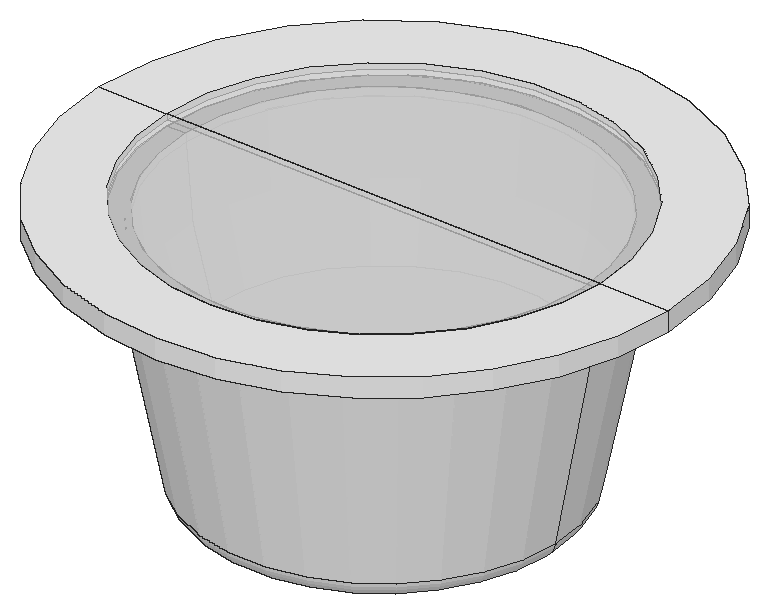
Revit family "2060572+2028036 Sylvania Lighting Fixture ASCENT 100 II ARCH 3600 3K DALI 160 with IP44 Frost Glass", category Lighting Fixtures, host Face, Revit 2016
Family settings
  Host = Face
  Part Type = Normal
  Round Connector Dimension = Use Diameter
  OmniClass Number = 23.80.70.11.17
  OmniClass Title = Specialized Lighting by Location or Use
  Cut with Voids When Loaded = No
  Light Source = Yes
  Shared = No
  Room Calculation Point = No
Parameters (values of type "2060572+2028036 ASCT100 II ARCH 3600 3K DALI 160 with IP44 Frost Glass")
  WidthBezelAcc_SYL = 25.0 mm
  Weight = "1.2 kg"
  Wattage = 30 W
  WarrantyStartDate [instance] = "n/a"
  WarrantyGuarantorParts = "n/a"
  WarrantyDurationUnit = "n/a"
  WarrantyDurationParts = "n/a"
  WarrantyDescription = "n/a"
  built-in parameter 1150110 = 1 (stored number, unit not read)
  Voltage = 0 V
  VisibilityAccessory_SYL = yes
  TypeName = "ASCENT 100 II ARCH 3600 3K DALI 160 with IP44 Frost Glass"
  built-in parameter 1114217 = 1 (stored number, unit not read)
  Tilt Angle = -90°
  built-in parameter 1150109 = 1 (stored number, unit not read)
  built-in parameter 1150134 = (empty or 0)
  built-in parameter 1150113 = 1 (stored number, unit not read)
  SerialNumber [instance] = "n/a"
  ReflectorRadius_SYL = Radius_SYL - 14.5 mm  # 80.0 mm
  RadiusAcc_SYL = 105.0 mm
  Radius_SYL = 94.5 mm
  URL = "http://www.sylvania-lighting.com"
  PowerFactor = 0
  PowerConsumption = "30 W"
  Photometric Web File = "2060572.ies"
  NominalWidth = 0.0 mm
  NominalLength = 0.0 mm
  NominalHeight = 94.0 mm
  Name = "ASCENT 100 II ARCH 3600 3K DALI 160 with IP44 Frost Glass"
  ModelReference = "ASCENT 100 II ARCH 3600 3K DALI 160 with IP44 Frost Glass"
  ModelNumber = "2060572+2028036"
  Material_4_SYL = none
  Material_3_SYL = Polycarbonate_Sylvania_Ascent_Opal
  Material_2_SYL = Aluminium_Sylvania_Ascent_Silver
  Material_1_SYL = Aluminum_Sylvania_Ascent_White
  Material = "aluminium housing, arcylic diffuser"
  ManufacturerName = "Feilo Sylvania"
  LuminousEfficacy = "118 lm/W"
  built-in parameter 1150105 = 281.7 (stored number, unit not read)
  Lumens = 3540 lm
  LuminaireType = ""
  built-in parameter 1150115 = 1 (stored number, unit not read)
  LightOutputRatio = "100"
  built-in parameter 1150137 = (empty or 0)
  built-in parameter 1150139 = (empty or 0)
  LampsType = Lamp  # "LED"
  LampNominalLuminous = "3548 lm"
  LampMacAdamStep = "3"
  LampColourTemperature = "3000 K"
  LampColourRenderingIndex = "80"
  built-in parameter 1150112 = 1 (stored number, unit not read)
  built-in parameter 1150114 = 1 (stored number, unit not read)
  Keynote = "16500"
  InstallationDate [instance] = "n/a"
  InputVoltage = "n/a"
  InputNominalFrequency = "n/a"
  built-in parameter 1150132 = (empty or 0)
  built-in parameter 1150102 = (empty or 0)
  built-in parameter 1150107 = 3000 (stored number, unit not read)
  built-in parameter 1150138 = (empty or 0)
  IngressProtection = "IP44"
  ImpactProtectionIndex = "IK02"
  built-in parameter 1150106 = 2.817 (stored number, unit not read)
  IfcExportType = "IfcLightFixtureType"
  IfcExportAs = "IfcLightFixtureType"
  Height_SYL = 94.0 mm
  HeightAcc_SYL = 7.0 mm
  ExpectedLife = 50000
  EmittionSurface_SYL = if(VisibilityAccessory_SYL, 7.0 mm, 3.0 mm)  # 7.0 mm
  Emit from Circle Diameter = DiffuserRadius_SYL * 2  # 146.0 mm
  Emit Shape Visible in Rendering = no
  ElectricShockClassification = "Class II"
  built-in parameter 1150104 = 10.963 (stored number, unit not read)
  DurationUnit = "hours"
  DocumentationLiterature = "http://www.sylvania-lighting.com/product/en-int/products/2060572"
  DimmingControlOptions = "n/a"
  Dimming Lamp Color Temperature Shift = <None>
  DiffuserRadius_SYL = ReflectorRadius_SYL - 7.0 mm  # 73.0 mm
  Diameter_SYL = 2 * Radius_SYL  # 189.0 mm
  CutoutDiameter_SYL = Diameter_SYL - 13.0 mm  # 176.0 mm
  CreatedOn = "9/17/2018"
  CreatedBy = "@sylvania-lighting.com"
  Color Filter = 16777215
  built-in parameter 1114216 [instance] = 1 (stored number, unit not read)
  Model = "ASCENT 100 II ARCH 3600 3K DALI 160 with IP44 Frost Glass"
  Manufacturer = "Feilo Sylvania"
  Lamp = "LED"
  Description = "Direct LED retro fit for original LED 100 Arch (160) single CFL lamp offering Matching lumen levels and improved light distribution of original LED 100 CFL lamp equivalents Typically half the power consumption compared to CFL Up to 112lm/W 160mm aperture Architectural reflector accepts range of glass accessories from existing LED 100 Arch 160 offering HE, HO and VHO versions equivalent of single 1 x 18W, 1 x 32W, 1 x 42W\r\n Additional VVHO versions which offer the performance circa 2 x 32W equivalent"  # constant formula
  Default Elevation = 0.0 mm
  built-in parameter 1140040 [instance] = 1
  BarCode [instance] = "n/a"
  built-in parameter 1114218 = 1 (stored number, unit not read)
  built-in parameter 1150133 = 10 (stored number, unit not read)
  AssetType = "Fixed"
  AssetIdentifier [instance] = "n/a"
  Assembly Code = "D5020200"
  Apparent Load = 30 VA
  Aperture_SYL = 2 * ReflectorRadius_SYL  # 160.0 mm
Reference planes
  plane 1 "Center (Front/Back)": y = 0
  plane 2: z = 0
  plane 3 "Center (Left/Right)": x = 0
  plane 4 "Fixture Bottom": z = 3
  plane 5: z = -52.5
  plane 6 "Fixture Top": z = -91
  plane 7: x = -105
  plane 8: z = 7
  plane 9: x = -80
  plane 10: z = 5
  plane 11: x = -103
Forms (mm)
  Extrusion 1, solid, material "Aluminum_Sylvania_Ascent_White", detail levels fine
    sketch origin (0, 0, 0) x (1, 0, 0) y (0, 1, 0)
      loop
        circle (0, 0) r 94.5
      loop
        circle (0, 0) r 80
    from 0 to 3
  Extrusion 2, void
    sketch origin (0, 0, 0) x (1, 0, 0) y (0, 1, 0)
      loop
        circle (0, 0) r 88
    from -91 to 3
  Revolve 3, solid, material "Aluminum_Sylvania_Ascent_White" <- "Material_1_SYL", detail levels fine
    sketch origin (0, 0, 0) x (1, 0, 0) y (0, 0, 1)
      loop
        line (0, -91.073) -> (0, -89.023) -> (-55.468, -89.014)
        arc (-55.468, -89.014) -> (-59.352, -87.613) -> (-61.54, -84.139) r 6.307
        line (-61.54, -84.139) -> (-77.991, -2.844) -> (-77.991, 0) -> (-80, 0) -> (-80, -3) -> (-63.5, -84.536)
        arc (-63.5, -84.536) -> (-60.643, -89.203) -> (-55.5, -91.073) r 8.291
        line (-55.5, -91.073) -> (0, -91.073)
      axis (0, 0) -> (0, -91.073)
    angle from 0 to 360
  Revolve 4, solid, material "Aluminium_Sylvania_Ascent_Silver" <- "Material_2_SYL", detail levels fine
    sketch origin (0, 0, 0) x (1, 0, 0) y (0, 0, 1)
      loop
        line (-80, 3) -> (-80, 0) -> (-75, 0)
        arc (-75, 0) -> (-72.349, -26.77) -> (-64.5, -52.5) r 136.5
        line (-64.5, -52.5) -> (-58, -52.5)
        arc (-58, -52.5) -> (-56.857, -61.521) -> (-53.5, -69.971) r 36.166
        line (-53.5, -69.971) -> (0, -69.971) -> (0, -50.5) -> (-63.16, -50.5)
        arc (-63.16, -50.5) -> (-70.517, -25.725) -> (-73, 0) r 134.5
        line (-73, 0) -> (-73, 3) -> (-80, 3)
      axis (0, 3) -> (0, -69.971)
    angle from 0 to 360
  Extrusion 5, solid, material "Polycarbonate_Sylvania_Ascent_Opal" <- "Material_3_SYL", detail levels fine
    sketch origin (0, 0, 0) x (1, 0, 0) y (0, 1, 0)
      loop
        circle (0, 0) r 73
    from 0 to 3
  Revolve 6, solid, material "Aluminum_Sylvania_Ascent_White" <- "Material_1_SYL", detail levels coarse+medium
    sketch origin (0, 0, 0) x (1, 0, 0) y (0, 0, 1)
      loop
        line (0, -91.073) -> (0, 3) -> (-94.5, 3) -> (-94.5, 0) -> (-79.5, 0) -> (-79.5, -3) -> (-63, -84.536)
        arc (-63, -84.536) -> (-60.143, -89.203) -> (-55, -91.073) r 8.291
        line (-55, -91.073) -> (0, -91.073)
      axis (0, 3) -> (0, -91.073)
    angle from 0 to 360
  Revolve 7, solid, material "Aluminum_Sylvania_Ascent_White" <- "Material_1_SYL", visible <- "VisibilityAccessory_SYL"
    sketch origin (0, 0, 0) x (1, 0, 0) y (0, 0, 1)
      loop
        line (-105, 0) -> (-103, 0) -> (-103, 5) -> (-80, 5) -> (-80, 7) -> (-105, 7) -> (-105, 0)
      axis (0, 7) -> (0, 0)
    angle from 0 to 360
  Revolve 8, solid, material "Polycarbonate_Sylvania_Ascent_Opal" <- "Material_3_SYL", visible <- "VisibilityAccessory_SYL"
    sketch origin (0, 0, 0) x (1, 0, 0) y (0, 0, 1)
      loop
        line (-80, 7) -> (-80, 5) -> (0, 5) -> (0, 7) -> (-80, 7)
      axis (0, 7) -> (0, 5)
    angle from 0 to 360
Lines and regions (mm)
  reference lines
    curve 1: line (-150, 0, 7) -> (125, 0, 7)
Dimensions and locks
  locked: plane 4 "Fixture Bottom" to plane 2 at 3
  "Height_SYL": plane 4 "Fixture Bottom" to plane 6 "Fixture Top"
  "ReflectorRadius_SYL": plane 3 "Center (Left/Right)" to Revolve 4 sketch curve
  locked: Revolve 4 sketch curve to Revolve 4 sketch curve at 15.5
  locked: Revolve 4 sketch curve to Revolve 4 sketch curve at 5
  locked: Revolve 4 sketch curve to Revolve 4 sketch curve at 7
  locked: Revolve 4 sketch curve to Revolve 4 sketch curve at 22
  locked: Revolve 4 sketch curve to Revolve 4 sketch curve at 26.5
  locked: Revolve 3 sketch curve to Revolve 3 sketch curve at 16.5
  locked: Revolve 3 sketch curve to Revolve 3 sketch curve at 24.5
  "ReflectorRadius_SYL": Revolve 3 sketch curve to plane 3 "Center (Left/Right)"
  locked: Revolve 3 sketch curve to plane 6 "Fixture Top" at 6.464
  locked: plane 2 to Revolve 3 sketch curve at 3
  locked: Revolve 3 sketch curve to Revolve 3 sketch curve at 2
  locked: Revolve 3 sketch curve to Revolve 3 sketch curve at 2.009
  locked: plane 2 to plane 5 at 52.5
  locked: Revolve 6 sketch curve to Revolve 6 sketch curve at 31.5
  locked: Revolve 6 sketch curve to Revolve 6 sketch curve at 39.5
  locked: Revolve 6 sketch curve to Revolve 6 sketch curve at 15
  "Radius_SYL": plane 3 "Center (Left/Right)" to Revolve 6 sketch curve
  "RadiusAcc_SYL": plane 3 "Center (Left/Right)" to plane 7
  "HeightAcc_SYL": plane 8 to level
  "WidthBezelAcc_SYL": plane 7 to plane 9
  locked: plane 7 to plane 11 at 2
  locked: plane 8 to plane 10 at 2
  "EmittionSurface_SYL": curve 1 to level
  "CutoutDiameter_SYL": diameter of Extrusion 2 sketch curve
  "ReflectorRadius_SYL": radius of Extrusion 1 sketch curve
  "DiffuserRadius_SYL": radius of Extrusion 5 sketch curve
  "Radius_SYL": radius of Extrusion 1 sketch curve
  aligned and locked: host face to plane 2
  aligned and locked: host face to level
  aligned and locked: plane 4 "Fixture Bottom" to Extrusion 1
  aligned and locked: Extrusion 1 to plane 2
  aligned and locked: Revolve 3 sketch curve to plane 3 "Center (Left/Right)"
  aligned and locked: Revolve 4 sketch curve to plane 3 "Center (Left/Right)"  (x2)
  aligned and locked: plane 4 "Fixture Bottom" to Revolve 4 sketch curve
  aligned and locked: Extrusion 5 to plane 2
  aligned and locked: plane 2 to Revolve 3 sketch curve  (x2)
  aligned and locked: Revolve 6 sketch curve to plane 3 "Center (Left/Right)"
  aligned and locked: plane 6 "Fixture Top" to Extrusion 2
  aligned and locked: Revolve 7 sketch curve to plane 3 "Center (Left/Right)"
  aligned and locked: host face to Revolve 7 sketch curve  (x2)
  aligned and locked: Revolve 7 sketch curve to plane 7
  aligned and locked: plane 8 to Revolve 7 sketch curve
  aligned and locked: plane 9 to Revolve 7 sketch curve
  aligned and locked: Revolve 7 sketch curve to plane 10
  aligned and locked: plane 11 to Revolve 7 sketch curve
  aligned and locked: Revolve 7 to Revolve 8 sketch curve
  aligned and locked: Revolve 8 sketch curve to Revolve 7  (x2)
  aligned and locked: Revolve 8 sketch curve to plane 3 "Center (Left/Right)"  (x2)
  aligned and locked: plane 3 "Center (Left/Right)" to imposter light
  aligned and locked: imposter light to plane 1 "Center (Front/Back)"
  aligned and locked: imposter light to curve 1
Automatic sketch dimensions
  plane 1 "Center (Front/Back)" to Extrusion 2 sketch curve = 0.0 mm
  Extrusion 2 sketch curve to plane 3 "Center (Left/Right)" = 0.0 mm
  Extrusion 1 sketch curve to Extrusion 1 sketch curve = 0.0 mm  (x2)
  plane 1 "Center (Front/Back)" to Extrusion 1 sketch curve = 0.0 mm
  Extrusion 1 sketch curve to plane 3 "Center (Left/Right)" = 0.0 mm
  plane 6 "Fixture Top" to Revolve 3 sketch curve = 0.073 mm
  Revolve 3 sketch curve to plane 6 "Fixture Top" = 6.861 mm
  Revolve 3 sketch curve to Revolve 3 sketch curve = 0.003 mm
  Revolve 3 sketch curve to Revolve 3 sketch curve = 0.009 mm  (x2)
  Revolve 3 sketch curve to Revolve 3 sketch curve = 0.023 mm
  Revolve 3 sketch curve to Revolve 3 sketch curve = 0.072 mm
  Revolve 3 sketch curve to Revolve 3 sketch curve = 0.008 mm
  Revolve 3 sketch curve to plane 6 "Fixture Top" = 1.977 mm
  Revolve 3 sketch curve to Revolve 3 sketch curve = 33.496 mm
  Revolve 3 sketch curve to Revolve 3 sketch curve = 0.028 mm
  plane 4 "Fixture Bottom" to Revolve 3 sketch curve = 82.431 mm
  Revolve 4 sketch curve to Revolve 4 sketch curve = 0.0 mm  (x2)
  Revolve 4 sketch curve to plane 5 = 0.0 mm
  Revolve 4 sketch curve to level = 0.0 mm
  plane 5 to Revolve 4 sketch curve = 2.0 mm
  plane 4 "Fixture Bottom" to Revolve 4 sketch curve = 9.642 mm
  plane 1 "Center (Front/Back)" to Extrusion 5 sketch curve = 0.0 mm
  Extrusion 5 sketch curve to plane 3 "Center (Left/Right)" = 0.0 mm
  Revolve 4 sketch curve to level = 69.971 mm
  Revolve 4 sketch curve to Revolve 4 sketch curve = 2.387 mm
  Revolve 6 sketch curve to level = 0.0 mm
  Revolve 6 sketch curve to plane 3 "Center (Left/Right)" = 0.0 mm
  Revolve 6 sketch curve to Revolve 6 sketch curve = 8.104 mm
  Revolve 6 sketch curve to level = 3.0 mm
  Revolve 6 sketch curve to plane 6 "Fixture Top" = 6.464 mm
  plane 6 "Fixture Top" to Revolve 6 sketch curve = 0.073 mm
  Revolve 6 sketch curve to Revolve 6 sketch curve = 33.496 mm
  plane 4 "Fixture Bottom" to Revolve 6 sketch curve = 82.431 mm
  host sketch curve to host sketch curve = 1704.996 mm
  host sketch curve to host sketch curve = 1500.0 mm
  plane 6 "Fixture Top" to Revolve 7 sketch curve = 281.274 mm
  Revolve 7 sketch curve to plane 8 = 1140.706 mm
  plane 6 "Fixture Top" to Revolve 8 sketch curve = 281.274 mm
  Revolve 8 sketch curve to Revolve 8 sketch curve = 1140.706 mm
  Revolve 3 sketch curve to plane 3 "Center (Left/Right)" = 0.0 mm
  Revolve 6 sketch curve to plane 4 "Fixture Bottom" = 0.0 mm
  plane 7 to curve 1 = 45.0 mm
  plane 3 "Center (Left/Right)" to curve 1 = 125.0 mm
Connectors
  electrical at (0, 0, -91.073), driven by "Apparent Load"
    settings: on Revolve 3, index 1, voltage 240 V, apparent load 0 VA, apparent load phase1 30 VA, apparent load phase2 0 VA, apparent load phase3 0 VA, power factor 1, load classification "Lighting", number of poles 1, system type 31, power factor state 1, is connector primary yes, connector utility no, sub classification motor no, connector description ""
